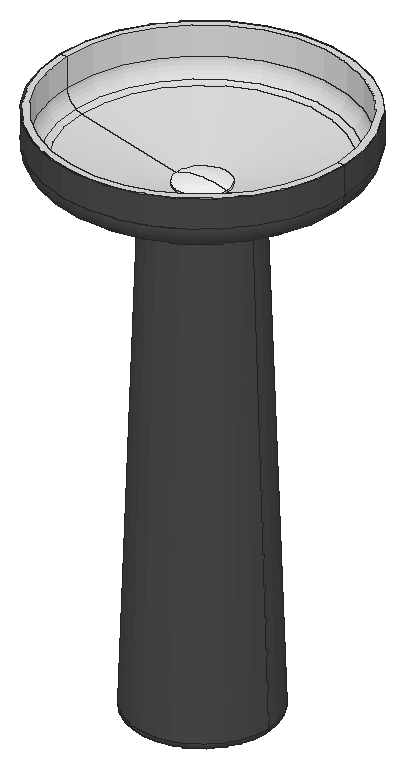
Revit family "Reece_Basin_Omvivo_Venice_Freestanding Basin_450 mm", category Plumbing Fixtures, Revit 2018
Family settings
  Round Connector Dimension = Use Diameter
  Part Type = Normal
  Work Plane-Based = Yes
  Always vertical = Yes
  Cut with Voids When Loaded = Yes
  Shared = Yes
  Room Calculation Point = Yes
Parameters (values of type "Softskin Black")
  URL = "https://www.reece.com.au/product/-1862150"
  Type Comments = "Basin"
  Reece_Product_Web Page = "https://www.reece.com.au/product/-1862150"
  Reece_Product_Type = "Basin"  # constant formula
  Reece_Product_Sub Brand = "Venice"  # constant formula
  Reece_Product_Number = "1862150"
  Reece_Product_Mount = "Floor Mounted"
  Reece_Product_Description = "Omvivo Venice 450 Basin and Pedestal Solid Surface Softskin Black"
  Reece_Product_Brand = "Omvivo"  # constant formula
  Reece_Overall_Width = 450 mm  # constant formula
  Reece_Overall_Length = 450 mm  # constant formula
  Reece_Overall_Height = 850 mm  # constant formula
  Reece_Overall_Capacity = 10.00 L  # constant formula
  Reece_Material_Secondary = Reece_Brass_Chrome
  Reece_Material_Main = Reece_Cast_Solid_Surface_White
  Reece_Material_Colour = Reece_Cast_Solid_Surface_Softskin Black
  Reece_Detail_Installation = "Basin on Pedestal"  # constant formula
  Reece_Detail_Disclaimer = "THIS FILE IS THE PROPERTY OF THE REECE GROUP. IT MAY NOT BE REPRODUCED, REVERSE-ENGINEERED OR MODIFIED. ANY REPUBLICATION, TRANSMISSION OR DISTRIBUTION FOR THE PURPOSE OF COMMERCIALLY EXPLOITING THE FILES IS PROHIBITED."  # constant formula
  Reece_Detail_Connector = "No Taphole"  # constant formula
  Reece_Detail_Additional = "No Overflow"  # constant formula
  Reece_Basin_Supply Diameter 1 = 0 mm
  Reece_Basin_Outlet = 40 mm  # constant formula
  Model = "Venice"
  Manufacturer = "Omvivo"
  Keynote = "Product #1862150, Reece_Basin_Omvivo_Venice_Freestanding Basin_450 mm - Softskin Black"
  Disclaimer = "THIS FILE IS THE PROPERTY OF THE REECE GROUP. IT MAY NOT BE REPRODUCED, REVERSE-ENGINEERED OR MODIFIED. ANY REPUBLICATION, TRANSMISSION OR DISTRIBUTION FOR THE PURPOSE OF COMMERCIALLY EXPLOITING THE FILES IS PROHIBITED."  # constant formula
  Description = "Venice 450 Basin and Pedestal Solid Surface Softskin Black"
  Default Elevation = 0 mm
Types (6, lengths in mm): name | URL | Reece_Product_Web Page | Reece_Product_Number | Reece_Product_Description | Reece_Material_Colour | Keynote | Description
  Softskin Black | "https://www.reece.com.au/product/-1862150" | "https://www.reece.com.au/product/-1862150" | "1862150" | "Omvivo Venice 450 Basin and Pedestal Solid Surface Softskin Black" | Reece_Cast_Solid_Surface_Softskin Black | "Product #1862150, Reece_Basin_Omvivo_Venice_Freestanding Basin_450 mm - Softskin Black" | "Venice 450 Basin and Pedestal Solid Surface Softskin Black"
  Softskin Blush | "https://www.reece.com.au/product/-1862146" | "https://www.reece.com.au/product/-1862146" | "1862146" | "Omvivo Venice 450 Basin and Pedestal Solid Surface Softskin Blush" | Reece_Cast_Solid_Surface_Softskin Blush | "Product #1862146, Reece_Basin_Omvivo_Venice_Freestanding Basin_450 mm - Softskin Blush" | "Venice 450 Basin and Pedestal Solid Surface Softskin Blush"
  Softskin Emerald Green | "https://www.reece.com.au/product/-1862147" | "https://www.reece.com.au/product/-1862147" | "1862147" | "Omvivo Venice 450 Basin and Pedestal Solid Surface Softskin Emerald Green" | Reece_Cast_Solid_Surface_Softskin Emerald Green | "Product #1862147, Reece_Basin_Omvivo_Venice_Freestanding Basin_450 mm - Softskin Emerald Green" | "Venice 450 Basin and Pedestal Solid Surface Softskin Emerald Green"
  Softskin Charcoal | "https://www.reece.com.au/product/-1862149" | "https://www.reece.com.au/product/-1862149" | "1862149" | "Omvivo Venice 450 Basin and Pedestal Solid Surface Softskin Charcoal" | Reece_Cast_Solid_Surface_Softskin Charcoal | "Product #1862149, Reece_Basin_Omvivo_Venice_Freestanding Basin_450 mm - Softskin Charcoal" | "Venice 450 Basin and Pedestal Solid Surface Softskin Charcoal"
  White | "https://www.reece.com.au/product/-1861006" | "https://www.reece.com.au/product/-1861006" | "1861006" | "Omvivo Venice 450 Basin and Pedestal Solid Surface White" | Reece_Cast_Solid_Surface_White | "Product #1861006, Reece_Basin_Omvivo_Venice_Freestanding Basin_450 mm - White" | "Venice 450 Basin and Pedestal Solid Surface White"
  Softskin Gentian Blue | "https://www.reece.com.au/product/-1862148" | "https://www.reece.com.au/product/-1862148" | "1862148" | "Omvivo Venice 450 Basin and Pedestal Solid Surface Softskin Gentian Blue" | Reece_Cast_Solid_Surface_Softskin Gentian Blue | "Product #1862148, Reece_Basin_Omvivo_Venice_Freestanding Basin_450 mm - Softskin Gentian Blue" | "Venice 450 Basin and Pedestal Solid Surface Softskin Gentian Blue"
Reference planes
  plane 1 "Center (Front/Back)": y = 0
  plane 2 "Bottom Host Plane": z = 0
  plane 3 "Center (Left/Right)": x = 0
  plane 4: x = -225
  plane 5: y = 225
  plane 6: y = -225
  plane 7: x = 225
  plane 8: z = 850
  plane 9: z = 807
  plane 10: z = 850
  plane 11: x = -105
  plane 12: x = 105
Forms (mm)
  Revolve 1, solid, material "Reece_Cast_Solid_Surface_White" <- "Reece_Material_Main"
    sketch origin (0, 0, 720) x (1, 0, 0) y (0, 0, 1)
      loop
        line (-23.147, 0) -> (-23.147, 9.194)
        arc (-23.147, 9.194) -> (-26.94, 19.831) -> (-36.609, 25.665) r 16.806
        line (-36.609, 25.665) -> (-190.659, 56.937)
        arc (-190.659, 56.937) -> (-195.683, 58.459) -> (-200.335, 60.892) r 28
        arc (-200.335, 60.892) -> (-210.363, 71.738) -> (-214, 86.055) r 30
        line (-214, 86.055) -> (-214, 130) -> (-225, 130)
        arc (-225, 130) -> (-223.528, 128.223) -> (-223, 125.977) r 5.046
        line (-223, 125.977) -> (-223, 86.73)
        arc (-223, 86.73) -> (-216.527, 67.1) -> (-199.648, 55.172) r 33
        line (-199.648, 55.172) -> (-90.03, 21.658)
        arc (-90.03, 21.658) -> (-81.334, 15.513) -> (-78, 5.401) r 17
        line (-78, 5.401) -> (-78, 0) -> (-74, 0) -> (-74, 5) -> (-29.177, 5) -> (-29.177, 0) -> (-23.147, 0)
      axis (0, 0) -> (0, 130)
    angle from 0 to 360
  Revolve 2, solid, material "Reece_Brass_Chrome" <- "Reece_Material_Secondary"
    sketch origin (0, 0, 750.063) x (1, 0, 0) y (0, 0, 1)
      loop
        line (0, -3.502) -> (0, 4.096)
        arc (0, 4.096) -> (-19.757, 2.931) -> (-39.04, -1.525) r 117.809
        line (-39.04, -1.525) -> (-39.04, -3.502) -> (-27.81, -3.502) -> (-26.1, -8.2) -> (-21.1, -8.2) -> (-21.1, -3.502) -> (0, -3.502)
      axis (0, 4.096) -> (0, -8.2)
    angle from 0 to 360
  Revolve 3, solid
    sketch origin (0, 0, 720) x (1, 0, 0) y (0, 0, 1)
      loop
        line (-20, 25) -> (-35.773, 25)
        arc (-35.773, 25) -> (-26.195, 19.277) -> (-22.43, 8.773) r 16.539
        line (-22.43, 8.773) -> (-22.43, -1.227) -> (-29.962, -1.227) -> (-29.962, -4.227) -> (-27.462, -4.227) -> (-27.462, -29.227) -> (-25.299, -31.391) -> (-25.299, -39.592) -> (-20, -39.592) -> (-20, 25)
      axis (0, 25) -> (0, -39.592)
    angle from 0 to 360
  Revolve 4, solid, material "Reece_Cast_Solid_Surface_Softskin Black" <- "Reece_Material_Colour"
    sketch origin (0, 0, 720) x (1, 0, 0) y (0, 0, 1)
      loop
        arc (-223, 125.977) -> (-223.528, 128.223) -> (-225, 130) r 5.046
        line (-225, 130) -> (-225, 86.73)
        arc (-225, 86.73) -> (-218.135, 65.911) -> (-200.233, 53.259) r 35
        line (-200.233, 53.259) -> (-90.614, 19.745)
        arc (-90.614, 19.745) -> (-82.942, 14.323) -> (-80, 5.401) r 15
        line (-80, 5.401) -> (-80, 0) -> (-78, 0) -> (-78, 5.401)
        arc (-78, 5.401) -> (-81.334, 15.513) -> (-90.03, 21.658) r 17
        line (-90.03, 21.658) -> (-199.648, 55.172)
        arc (-199.648, 55.172) -> (-216.527, 67.1) -> (-223, 86.73) r 33
        line (-223, 86.73) -> (-223, 125.977)
      axis (0, 0) -> (0, 130)
    angle from 0 to 360
  Revolve 5, solid, material "Reece_Cast_Solid_Surface_Softskin Black" <- "Reece_Material_Colour"
    sketch origin (0, 0, 0) x (1, 0, 0) y (0, 0, 1)
      loop
        line (-80, 720) -> (-104.641, 10.347)
        arc (-104.641, 10.347) -> (-101.839, 3.053) -> (-94.647, 0) r 10
        line (-94.647, 0) -> (-73.997, 0) -> (-73.997, 720) -> (-80, 720)
      axis (0, 720) -> (0, 0)
    angle from 0 to 360
Text (mm)
  text "Reece ©" at (2750.254, -2396.412, 2870.147), in view "Reece Preview"
  text "Reece Copyright © 2018, Reece Ltd." at (-526.759, -443.435, 0), in view "Ref. Level"
Dimensions and locks
  "Reece_Overall_Width": plane 4 to plane 7
  equal spacing: plane 4, plane 3 "Center (Left/Right)", plane 7
  "Reece_Overall_Length": plane 5 to plane 6
  equal spacing: plane 5, plane 1 "Center (Front/Back)", plane 6
  "Reece_Overall_Height": plane 8 to level
  "Reece_Overall_Width": Revolve 4 to plane 4
  "Reece_Overall_Width": plane 5 to plane 8
  "Reece_Overall_Height": plane 10 to Revolve 5
Automatic sketch dimensions
  Revolve 2 sketch curve to plane 3 "Center (Left/Right)" = 0 mm  (x2)
  Revolve 2 sketch curve to plane 3 "Center (Left/Right)" = 2.966 mm
  Revolve 2 sketch curve to plane 3 "Center (Left/Right)" = 21.1 mm
  Revolve 2 sketch curve to Revolve 2 sketch curve = 5 mm
  Revolve 2 sketch curve to Revolve 2 sketch curve = 1.71 mm
  Revolve 2 sketch curve to Revolve 2 sketch curve = 11.23 mm
  Revolve 2 sketch curve to plane 8 = 213.612 mm
  Revolve 2 sketch curve to Revolve 2 sketch curve = 105.475 mm
  Revolve 2 sketch curve to Revolve 2 sketch curve = 4.698 mm  (x2)
  Revolve 2 sketch curve to Revolve 2 sketch curve = 1.977 mm
  Revolve 2 sketch curve to Revolve 2 sketch curve = 0.313 mm
  Revolve 2 sketch curve to Revolve 2 sketch curve = 0 mm
  Revolve 3 sketch curve to plane 3 "Center (Left/Right)" = 0 mm
  Revolve 3 sketch curve to plane 3 "Center (Left/Right)" = 20 mm
  Revolve 3 sketch curve to plane 3 "Center (Left/Right)" = 22.43 mm
  Revolve 3 sketch curve to Revolve 3 sketch curve = 5.299 mm
  Revolve 3 sketch curve to Revolve 3 sketch curve = 2.163 mm  (x2)
  Revolve 3 sketch curve to Revolve 3 sketch curve = 2.5 mm
  Revolve 3 sketch curve to Revolve 3 sketch curve = 15.773 mm
  Revolve 3 sketch curve to Revolve 3 sketch curve = 9.007 mm
  Revolve 3 sketch curve to plane 8 = 169.592 mm
  Revolve 3 sketch curve to Revolve 3 sketch curve = 8.201 mm
  Revolve 3 sketch curve to Revolve 3 sketch curve = 25 mm
  Revolve 3 sketch curve to Revolve 3 sketch curve = 3 mm
  Revolve 3 sketch curve to Revolve 3 sketch curve = 10 mm
  Revolve 3 sketch curve to Revolve 3 sketch curve = 5.403 mm
  Revolve 3 sketch curve to Revolve 3 sketch curve = 1.561 mm
  Revolve 5 sketch curve to level = 0 mm
  Revolve 5 sketch curve to plane 3 "Center (Left/Right)" = 0 mm
  Revolve 5 sketch curve to plane 11 = 31.003 mm
  Revolve 5 sketch curve to Revolve 5 sketch curve = 6.003 mm
  Revolve 5 sketch curve to plane 11 = 10.353 mm
  Revolve 5 sketch curve to plane 11 = 0.359 mm
  level to Revolve 5 sketch curve = 10 mm
  Revolve 5 sketch curve to plane 8 = 130 mm
  level to Revolve 5 sketch curve = 340 mm
  Revolve 5 sketch curve to Revolve 5 sketch curve = 80 mm
  Revolve 1 sketch curve to plane 4 = 0 mm
  Revolve 1 sketch curve to plane 8 = 0 mm
  Revolve 1 sketch curve to plane 3 "Center (Left/Right)" = 0 mm
  Revolve 1 sketch curve to plane 4 = 3.046 mm
  plane 9 to Revolve 1 sketch curve = 0.27 mm
  plane 4 to Revolve 1 sketch curve = 2 mm
  plane 4 to Revolve 1 sketch curve = 11 mm
  plane 4 to Revolve 1 sketch curve = 25.352 mm
  Revolve 1 sketch curve to Revolve 1 sketch curve = 8.989 mm
  plane 9 to Revolve 1 sketch curve = 2.622 mm
  Revolve 1 sketch curve to Revolve 1 sketch curve = 5.57 mm
  plane 9 to Revolve 1 sketch curve = 0.945 mm
  Revolve 1 sketch curve to Revolve 1 sketch curve = 1.089 mm
  Revolve 1 sketch curve to Revolve 1 sketch curve = 6 mm
  Revolve 1 sketch curve to plane 11 = 10 mm
  Revolve 1 sketch curve to plane 11 = 14.97 mm
  Revolve 1 sketch curve to Revolve 1 sketch curve = 17 mm
  Revolve 1 sketch curve to Revolve 1 sketch curve = 4 mm
  Revolve 1 sketch curve to Revolve 1 sketch curve = 34.047 mm
  Revolve 1 sketch curve to Revolve 1 sketch curve = 3.344 mm
  Revolve 1 sketch curve to Revolve 1 sketch curve = 10.775 mm
  Revolve 1 sketch curve to Revolve 1 sketch curve = 6.031 mm
  plane 9 to Revolve 1 sketch curve = 61.335 mm
  Revolve 1 sketch curve to Revolve 1 sketch curve = 12.463 mm
  Revolve 1 sketch curve to Revolve 1 sketch curve = 0.401 mm
  Revolve 1 sketch curve to Revolve 1 sketch curve = 5 mm
  Revolve 1 sketch curve to Revolve 1 sketch curve = 5.401 mm
  Revolve 1 sketch curve to Revolve 1 sketch curve = 1.766 mm
  Revolve 1 sketch curve to Revolve 1 sketch curve = 0 mm
  Revolve 1 sketch curve to plane 8 = 5 mm
  Revolve 4 sketch curve to Revolve 4 sketch curve = 0 mm  (x4)
  Revolve 4 sketch curve to plane 4 = 0 mm
  Revolve 4 sketch curve to plane 3 "Center (Left/Right)" = 0 mm
  Revolve 4 sketch curve to plane 8 = 0 mm
  Revolve 4 sketch curve to plane 4 = 3.046 mm
  Revolve 4 sketch curve to Revolve 4 sketch curve = 2 mm  (x2)
  plane 4 to Revolve 4 sketch curve = 24.767 mm
  Revolve 4 sketch curve to Revolve 4 sketch curve = 0.585 mm  (x2)
  Revolve 4 sketch curve to Revolve 4 sketch curve = 9.648 mm
  Revolve 4 sketch curve to plane 11 = 10 mm
  Revolve 4 sketch curve to plane 11 = 14.386 mm
  Revolve 4 sketch curve to Revolve 4 sketch curve = 15 mm  (x2)
  Revolve 4 sketch curve to plane 8 = 43.27 mm
  Revolve 4 sketch curve to plane 8 = 108.342 mm
  Revolve 4 sketch curve to Revolve 4 sketch curve = 5.401 mm
  Revolve 4 sketch curve to plane 8 = 50 mm
Connectors
  piping at (0, 0, 680.408), diameter 40, driven by "Reece_Basin_Outlet"
    settings: on Revolve 3, index 1, connector inside diameter 609.6 mm, connector length 0 mm, flow factor 0, pipe flow 0.0 L/s, pressure drop 0.0 Pa, fitting loss kfactor 0, connector angle 0.00°, fixture units 0, engagement length 0 mm, angle of deflection 0.00°, flow configuration 0, flow direction 2, fitting loss method 0, system type 16, joint type 0, gender type 0, connector reference index -1, connector utility 0, adjustable connector no, is connector primary yes, connector description ""
